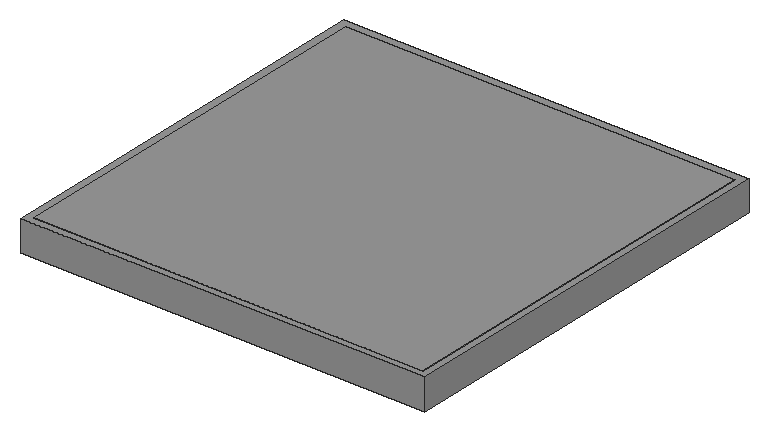
Revit family "ДВО-09 30 Вт Грильято DALI", category Осветительные приборы, Revit 2019 (continued)
Parameters (values of type "ДВО-09-О-30-3К-IP40-Грильято-DALI")
    .0 849.3 833.2 816.8 800.2 783.4 766.4 749.3 732.0 714.6 697.1 679.1 660.9 642.4 623.7 604.6 585.4 566.0 546.5 526.9 507.2 487.3 467.1 446.8 426.5 405.8 385.0 364.5 343.5 322.9 301.9 281.4 260.6 240.4 219.8 200.1 180.2 161.0 141.9 123.4 105.7 88.9 73.1 58.6 45.7 34.3 25.1 18.0 12.9 9.6 7.6 6.6 6.2 6.1 6.2 6.2 6.2 6.2 6.3 6.3 0.0 0.0 0.0 0.0 0.0 0.0 0.0 0.0 0.0 0.0 0.0 0.0 0.0 0.0 0.0 0.0 0.0 0.0 0.0 0.0 0.0 0.0 0.0 0.0 0.0 0.0 0.0 0.0 0.0 0.0 0.0 0.0 0.0 0.0 0.0 0.0 0.0 0.0 0.0 0.0 0.0 0.0 0.0 0.0 0.0 0.0 0.0 0.0 0.0 0.0 0.0 0.0 0.0 0.0 0.0 0.0 0.0 0.0 0.0 0.0 0.0\r\n1213.1 1212.4 1211.4 1209.9 1207.9 1205.4 1202.5 1199.2 1195.4 1191.4 1186.7 1181.5 1176.1 1170.0 1163.6 1156.8 1149.5 1141.8 1133.8 1125.3 1116.3 1106.9 1097.4 1087.3 1076.9 1066.0 1055.1 1043.6 1032.1 1020.1 1007.7 995.1 982.0 968.3 954.5 940.5 926.0 911.6 896.4 881.5 865.6 850.1 833.9 817.7 801.0 784.3 767.3 750.5 733.2 716.1 698.4 680.8 662.5 644.3 625.5 606.7 587.4 568.2 548.4 528.9 509.0 489.1 468.8 448.8 428.2 407.8 387.1 366.6 345.6 325.0 304.0 283.4 262.5 242.3 221.7 201.9 182.0 162.7 143.6 124.9 107.4 90.3 74.6 59.7 46.8 35.2 26.0 18.6 13.5 10.1 7.9 6.9 6.3 6.1 6.2 6.2 6.2 6.2 6.3 6.4 0.0 0.0 0.0 0.0 0.0 0.0 0.0 0.0 0.0 0.0 0.0 0.0 0.0 0.0 0.0 0.0 0.0 0.0 0.0 0.0 0.0 0.0 0.0 0.0 0.0 0.0 0.0 0.0 0.0 0.0 0.0 0.0 0.0 0.0 0.0 0.0 0.0 0.0 0.0 0.0 0.0 0.0 0.0 0.0 0.0 0.0 0.0 0.0 0.0 0.0 0.0 0.0 0.0 0.0 0.0 0.0 0.0 0.0 0.0 0.0 0.0\r\n1213.1 1212.4 1211.2 1209.5 1207.3 1204.6 1201.4 1197.9 1193.9 1189.7 1184.8 1179.6 1173.9 1167.8 1161.1 1154.1 1146.5 1138.6 1130.3 1121.6 1112.5 1102.9 1093.3 1083.0 1072.6 1061.6 1050.5 1038.7 1027.0 1014.6 1002.0 989.0 975.7 961.8 947.9 933.7 919.2 904.6 889.6 874.5 859.0 843.5 827.5 811.2 794.7 777.8 760.8 743.6 726.1 708.5 690.7 672.6 654.3 635.8 617.2 598.2 579.1 559.8 540.3 520.6 500.6 480.7 460.3 440.2 419.4 399.0 378.2 357.6 336.7 316.2 295.3 275.0 254.3 234.4 214.1 194.5 175.0 156.0 137.2 119.1 101.8 85.3 70.0 55.8 43.3 32.6 23.9 17.1 12.4 9.3 7.5 6.7 6.4 6.3 6.4 6.4 6.3 6.4 6.5 6.6 0.0 0.0 0.0 0.0 0.0 0.0 0.0 0.0 0.0 0.0 0.0 0.0 0.0 0.0 0.0 0.0 0.0 0.0 0.0 0.0 0.0 0.0 0.0 0.0 0.0 0.0 0.0 0.0 0.0 0.0 0.0 0.0 0.0 0.0 0.0 0.0 0.0 0.0 0.0 0.0 0.0 0.0 0.0 0.0 0.0 0.0 0.0 0.0 0.0 0.0 0.0 0.0 0.0 0.0 0.0 0.0 0.0 0.0 0.0 0.0 0.0\r\n1213.1 1212.4 1211.0 1209.0 1206.6 1203.8 1200.3 1196.6 1192.3 1187.9 1182.9 1177.6 1171.6 1165.5 1158.5 1151.3 1143.5 1135.3 1126.8 1117.8 1108.6 1098.9 1089.1 1078.7 1068.2 1057.1 1045.8 1033.8 1021.8 1009.1 996.3 982.8 969.3 955.2 941.2 926.8 912.4 897.5 882.7 867.5 852.4 836.8 821.0 804.7 788.4 771.2 754.2 736.6 719.0 700.8 683.0 664.4 646.1 627.2 608.8 589.7 570.8 551.3 532.1 512.2 492.1 472.3 451.8 431.6 410.6 390.1 369.2 348.6 327.7 307.3 286.6 266.5 246.0 226.4 206.4 187.1 167.9 149.3 130.8 113.3 96.2 80.2 65.4 51.9 39.8 29.9 21.7 15.6 11.2 8.5 7.0 6.5 6.4 6.4 6.5 6.6 6.4 6.6 6.7 6.7 0.0 0.0 0.0 0.0 0.0 0.0 0.0 0.0 0.0 0.0 0.0 0.0 0.0 0.0 0.0 0.0 0.0 0.0 0.0 0.0 0.0 0.0 0.0 0.0 0.0 0.0 0.0 0.0 0.0 0.0 0.0 0.0 0.0 0.0 0.0 0.0 0.0 0.0 0.0 0.0 0.0 0.0 0.0 0.0 0.0 0.0 0.0 0.0 0.0 0.0 0.0 0.0 0.0 0.0 0.0 0.0 0.0 0.0 0.0 0.0 0.0\r\n1213.1 1212.5 1211.3 1209.5 1207.5 1205.0 1202.2 1198.8 1194.8 1190.7 1186.0 1181.0 1175.4 1169.1 1162.5 1155.4 1147.9 1140.1 1131.6 1123.0 1114.0 1104.9 1095.6 1085.8 1075.4 1064.4 1053.3 1041.6 1029.7 1017.2 1004.6 991.4 978.3 964.7 951.1 937.4 923.4 908.9 894.5 879.4 864.4 848.5 832.5 815.9 799.4 782.4 765.5 748.1 730.8 713.1 695.7 677.3 659.3 640.5 621.9 602.4 583.3 563.7 544.6 524.8 505.4 485.4 465.4 444.8 424.7 403.8 382.9 362.4 341.4 320.7 299.8 279.3 258.6 238.4 217.9 198.2 178.3 159.2 140.1 121.9 104.0 87.4 71.6 57.5 44.5 33.3 24.2 17.3 12.3 9.1 7.2 6.3 6.1 6.1 6.1 6.2 6.1 6.2 6.3 6.2 0.0 0.0 0.0 0.0 0.0 0.0 0.0 0.0 0.0 0.0 0.0 0.0 0.0 0.0 0.0 0.0 0.0 0.0 0.0 0.0 0.0 0.0 0.0 0.0 0.0 0.0 0.0 0.0 0.0 0.0 0.0 0.0 0.0 0.0 0.0 0.0 0.0 0.0 0.0 0.0 0.0 0.0 0.0 0.0 0.0 0.0 0.0 0.0 0.0 0.0 0.0 0.0 0.0 0.0 0.0 0.0 0.0 0.0 0.0 0.0 0.0\r\n1213.1 1212.5 1211.4 1209.7 1207.7 1205.2 1202.4 1199.0 1195.1 1191.1 1186.4 1181.3 1175.8 1169.6 1163.1 1156.1 1148.7 1141.0 1132.7 1124.2 1115.2 1105.9 1096.5 1086.6 1076.2 1065.2 1054.2 1042.6 1030.9 1018.7 1006.2 993.3 980.2 966.5 952.8 939.0 924.7 910.3 895.5 880.5 865.0 849.3 833.2 816.8 800.2 783.4 766.4 749.3 732.0 714.6 697.1 679.1 660.9 642.4 623.7 604.6 585.4 566.0 546.5 526.9 507.2 487.3 467.1 446.8 426.5 405.8 385.0 364.5 343.5 322.9 301.9 281.4 260.6 240.4 219.8 200.1 180.2 161.0 141.9 123.4 105.7 88.9 73.1 58.6 45.7 34.3 25.1 18.0 12.9 9.6 7.6 6.6 6.2 6.1 6.2 6.2 6.2 6.2 6.3 6.3 0.0 0.0 0.0 0.0 0.0 0.0 0.0 0.0 0.0 0.0 0.0 0.0 0.0 0.0 0.0 0.0 0.0 0.0 0.0 0.0 0.0 0.0 0.0 0.0 0.0 0.0 0.0 0.0 0.0 0.0 0.0 0.0 0.0 0.0 0.0 0.0 0.0 0.0 0.0 0.0 0.0 0.0 0.0 0.0 0.0 0.0 0.0 0.0 0.0 0.0 0.0 0.0 0.0 0.0 0.0 0.0 0.0 0.0 0.0 0.0 0.0\r\n1213.1 1212.4 1211.4 1209.9 1207.9 1205.4 1202.5 1199.2 1195.4 1191.4 1186.7 1181.5 1176.1 1170.0 1163.6 1156.8 1149.5 1141.8 1133.8 1125.3 1116.3 1106.9 1097.4 1087.3 1076.9 1066.0 1055.1 1043.6 1032.1 1020.1 1007.7 995.1 982.0 968.3 954.5 940.5 926.0 911.6 896.4 881.5 865.6 850.1 833.9 817.7 801.0 784.3 767.3 750.5 733.2 716.1 698.4 680.8 662.5 644.3 625.5 606.7 587.4 568.2 548.4 528.9 509.0 489.1 468.8 448.8 428.2 407.8 387.1 366.6 345.6 325.0 304.0 283.4 262.5 242.3 221.7 201.9 182.0 162.7 143.6 124.9 107.4 90.3 74.6 59.7 46.8 35.2 26.0 18.6 13.5 10.1 7.9 6.9 6.3 6.1 6.2 6.2 6.2 6.2 6.3 6.4 0.0 0.0 0.0 0.0 0.0 0.0 0.0 0.0 0.0 0.0 0.0 0.0 0.0 0.0 0.0 0.0 0.0 0.0 0.0 0.0 0.0 0.0 0.0 0.0 0.0 0.0 0.0 0.0 0.0 0.0 0.0 0.0 0.0 0.0 0.0 0.0 0.0 0.0 0.0 0.0 0.0 0.0 0.0 0.0 0.0 0.0 0.0 0.0 0.0 0.0 0.0 0.0 0.0 0.0 0.0 0.0 0.0 0.0 0.0 0.0 0.0\r\n1213.1 1212.4 1211.2 1209.5 1207.3 1204.6 1201.4 1197.9 1193.9 1189.7 1184.8 1179.6 1173.9 1167.8 1161.1 1154.1 1146.5 1138.6 1130.3 1121.6 1112.5 1102.9 1093.3 1083.0 1072.6 1061.6 1050.5 1038.7 1027.0 1014.6 1002.0 989.0 975.7 961.8 947.9 933.7 919.2 904.6 889.6 874.5 859.0 843.5 827.5 811.2 794.7 777.8 760.8 743.6 726.1 708.5 690.7 672.6 654.3 635.8 617.2 598.2 579.1 559.8 540.3 520.6 500.6 480.7 460.3 440.2 419.4 399.0 378.2 357.6 336.7 316.2 295.3 275.0 254.3 234.4 214.1 194.5 175.0 156.0 137.2 119.1 101.8 85.3 70.0 55.8 43.3 32.6 23.9 17.1 12.4 9.3 7.5 6.7 6.4 6.3 6.4 6.4 6.3 6.4 6.5 6.6 0.0 0.0 0.0 0.0 0.0 0.0 0.0 0.0 0.0 0.0 0.0 0.0 0.0 0.0 0.0 0.0 0.0 0.0 0.0 0.0 0.0 0.0 0.0 0.0 0.0 0.0 0.0 0.0 0.0 0.0 0.0 0.0 0.0 0.0 0.0 0.0 0.0 0.0 0.0 0.0 0.0 0.0 0.0 0.0 0.0 0.0 0.0 0.0 0.0 0.0 0.0 0.0 0.0 0.0 0.0 0.0 0.0 0.0 0.0 0.0 0.0\r\n1213.1 1212.4 1211.0 1209.0 1206.6 1203.8 1200.3 1196.6 1192.3 1187.9 1182.9 1177.6 1171.6 1165.5 1158.5 1151.3 1143.5 1135.3 1126.8 1117.8 1108.6 1098.9 1089.1 1078.7 1068.2 1057.1 1045.8 1033.8 1021.8 1009.1 996.3 982.8 969.3 955.2 941.2 926.8 912.4 897.5 882.7 867.5 852.4 836.8 821.0 804.7 788.4 771.2 754.2 736.6 719.0 700.8 683.0 664.4 646.1 627.2 608.8 589.7 570.8 551.3 532.1 512.2 492.1 472.3 451.8 431.6 410.6 390.1 369.2 348.6 327.7 307.3 286.6 266.5 246.0 226.4 206.4 187.1 167.9 149.3 130.8 113.3 96.2 80.2 65.4 51.9 39.8 29.9 21.7 15.6 11.2 8.5 7.0 6.5 6.4 6.4 6.5 6.6 6.4 6.6 6.7 6.7 0.0 0.0 0.0 0.0 0.0 0.0 0.0 0.0 0.0 0.0 0.0 0.0 0.0 0.0 0.0 0.0 0.0 0.0 0.0 0.0 0.0 0.0 0.0 0.0 0.0 0.0 0.0 0.0 0.0 0.0 0.0 0.0 0.0 0.0 0.0 0.0 0.0 0.0 0.0 0.0 0.0 0.0 0.0 0.0 0.0 0.0 0.0 0.0 0.0 0.0 0.0 0.0 0.0 0.0 0.0 0.0 0.0 0.0 0.0 0.0 0.0\r\n1213.1 1212.5 1211.3 1209.5 1207.5 1205.0 1202.2 1198.8 1194.8 1190.7 1186.0 1181.0 1175.4 1169.1 1162.5 1155.4 1147.9 1140.1 1131.6 1123.0 1114.0 1104.9 1095.6 1085.8 1075.4 1064.4 1053.3 1041.6 1029.7 1017.2 1004.6 991.4 978.3 964.7 951.1 937.4 923.4 908.9 894.5 879.4 864.4 848.5 832.5 815.9 799.4 782.4 765.5 748.1 730.8 713.1 695.7 677.3 659.3 640.5 621.9 602.4 583.3 563.7 544.6 524.8 505.4 485.4 465.4 444.8 424.7 403.8 382.9 362.4 341.4 320.7 299.8 279.3 258.6 238.4 217.9 198.2 178.3 159.2 140.1 121.9 104.0 87.4 71.6 57.5 44.5 33.3 24.2 17.3 12.3 9.1 7.2 6.3 6.1 6.1 6.1 6.2 6.1 6.2 6.3 6.2 0.0 0.0 0.0 0.0 0.0 0.0 0.0 0.0 0.0 0.0 0.0 0.0 0.0 0.0 0.0 0.0 0.0 0.0 0.0 0.0 0.0 0.0 0.0 0.0 0.0 0.0 0.0 0.0 0.0 0.0 0.0 0.0 0.0 0.0 0.0 0.0 0.0 0.0 0.0 0.0 0.0 0.0 0.0 0.0 0.0 0.0 0.0 0.0 0.0 0.0 0.0 0.0 0.0 0.0 0.0 0.0 0.0 0.0 0.0 0.0 0.0\r\n1213.1 1212.5 1211.4 1209.7 1207.7 1205.2 1202.4 1199.0 1195.1 1191.1 1186.4 1181.3 1175.8 1169.6 1163.1 1156.1 1148.7 1141.0 1132.7 1124.2 1115.2 1105.9 1096.5 1086.6 1076.2 1065.2 1054.2 1042.6 1030.9 1018.7 1006.2 993.3 980.2 966.5 952.8 939.0 924.7 910.3 895.5 880.5 865.0 849.3 833.2 816.8 800.2 783.4 766.4 749.3 732.0 714.6 697.1 679.1 660.9 642.4 623.7 604.6 585.4 566.0 546.5 526.9 507.2 487.3 467.1 446.8 426.5 405.8 385.0 364.5 343.5 322.9 301.9 281.4 260.6 240.4 219.8 200.1 180.2 161.0 141.9 123.4 105.7 88.9 73.1 58.6 45.7 34.3 25.1 18.0 12.9 9.6 7.6 6.6 6.2 6.1 6.2 6.2 6.2 6.2 6.3 6.3 0.0 0.0 0.0 0.0 0.0 0.0 0.0 0.0 0.0 0.0 0.0 0.0 0.0 0.0 0.0 0.0 0.0 0.0 0.0 0.0 0.0 0.0 0.0 0.0 0.0 0.0 0.0 0.0 0.0 0.0 0.0 0.0 0.0 0.0 0.0 0.0 0.0 0.0 0.0 0.0 0.0 0.0 0.0 0.0 0.0 0.0 0.0 0.0 0.0 0.0 0.0 0.0 0.0 0.0 0.0 0.0 0.0 0.0 0.0 0.0 0.0\r\n1213.1 1212.4 1211.4 1209.9 1207.9 1205.4 1202.5 1199.2 1195.4 1191.4 1186.7 1181.5 1176.1 1170.0 1163.6 1156.8 1149.5 1141.8 1133.8 1125.3 1116.3 1106.9 1097.4 1087.3 1076.9 1066.0 1055.1 1043.6 1032.1 1020.1 1007.7 995.1 982.0 968.3 954.5 940.5 926.0 911.6 896.4 881.5 865.6 850.1 833.9 817.7 801.0 784.3 767.3 750.5 733.2 716.1 698.4 680.8 662.5 644.3 625.5 606.7 587.4 568.2 548.4 528.9 509.0 489.1 468.8 448.8 428.2 407.8 387.1 366.6 345.6 325.0 304.0 283.4 262.5 242.3 221.7 201.9 182.0 162.7 143.6 124.9 107.4 90.3 74.6 59.7 46.8 35.2 26.0 18.6 13.5 10.1 7.9 6.9 6.3 6.1 6.2 6.2 6.2 6.2 6.3 6.4 0.0 0.0 0.0 0.0 0.0 0.0 0.0 0.0 0.0 0.0 0.0 0.0 0.0 0.0 0.0 0.0 0.0 0.0 0.0 0.0 0.0 0.0 0.0 0.0 0.0 0.0 0.0 0.0 0.0 0.0 0.0 0.0 0.0 0.0 0.0 0.0 0.0 0.0 0.0 0.0 0.0 0.0 0.0 0.0 0.0 0.0 0.0 0.0 0.0 0.0 0.0 0.0 0.0 0.0 0.0 0.0 0.0 0.0 0.0 0.0 0.0\r\n1213.1 1212.4 1211.2 1209.5 1207.3 1204.6 1201.4 1197.9 1193.9 1189.7 1184.8 1179.6 1173.9 1167.8 1161.1 1154.1 1146.5 1138.6 1130.3 1121.6 1112.5 1102.9 1093.3 1083.0 1072.6 1061.6 1050.5 1038.7 1027.0 1014.6 1002.0 989.0 975.7 961.8 947.9 933.7 919.2 904.6 889.6 874.5 859.0 843.5 827.5 811.2 794.7 777.8 760.8 743.6 726.1 708.5 690.7 672.6 654.3 635.8 617.2 598.2 579.1 559.8 540.3 520.6 500.6 480.7 460.3 440.2 419.4 399.0 378.2 357.6 336.7 316.2 295.3 275.0 254.3 234.4 214.1 194.5 175.0 156.0 137.2 119.1 101.8 85.3 70.0 55.8 43.3 32.6 23.9 17.1 12.4 9.3 7.5 6.7 6.4 6.3 6.4 6.4 6.3 6.4 6.5 6.6 0.0 0.0 0.0 0.0 0.0 0.0 0.0 0.0 0.0 0.0 0.0 0.0 0.0 0.0 0.0 0.0 0.0 0.0 0.0 0.0 0.0 0.0 0.0 0.0 0.0 0.0 0.0 0.0 0.0 0.0 0.0 0.0 0.0 0.0 0.0 0.0 0.0 0.0 0.0 0.0 0.0 0.0 0.0 0.0 0.0 0.0 0.0 0.0 0.0 0.0 0.0 0.0 0.0 0.0 0.0 0.0 0.0 0.0 0.0 0.0 0.0\r\n1213.1 1212.4 1211.0 1209.0 1206.6 1203.8 1200.3 1196.6 1192.3 1187.9 1182.9 1177.6 1171.6 1165.5 1158.5 1151.3 1143.5 1135.3 1126.8 1117.8 1108.6 1098.9 1089.1 1078.7 1068.2 1057.1 1045.8 1033.8 1021.8 1009.1 996.3 982.8 969.3 955.2 941.2 926.8 912.4 897.5 882.7 867.5 852.4 836.8 821.0 804.7 788.4 771.2 754.2 736.6 719.0 700.8 683.0 664.4 646.1 627.2 608.8 589.7 570.8 551.3 532.1 512.2 492.1 472.3 451.8 431.6 410.6 390.1 369.2 348.6 327.7 307.3 286.6 266.5 246.0 226.4 206.4 187.1 167.9 149.3 130.8 113.3 96.2 80.2 65.4 51.9 39.8 29.9 21.7 15.6 11.2 8.5 7.0 6.5 6.4 6.4 6.5 6.6 6.4 6.6 6.7 6.7 0.0 0.0 0.0 0.0 0.0 0.0 0.0 0.0 0.0 0.0 0.0 0.0 0.0 0.0 0.0 0.0 0.0 0.0 0.0 0.0 0.0 0.0 0.0 0.0 0.0 0.0 0.0 0.0 0.0 0.0 0.0 0.0 0.0 0.0 0.0 0.0 0.0 0.0 0.0 0.0 0.0 0.0 0.0 0.0 0.0 0.0 0.0 0.0 0.0 0.0 0.0 0.0 0.0 0.0 0.0 0.0 0.0 0.0 0.0 0.0 0.0\r\n1213.1 1212.5 1211.3 1209.5 1207.5 1205.0 1202.2 1198.8 1194.8 1190.7 1186.0 1181.0 1175.4 1169.1 1162.5 1155.4 1147.9 1140.1 1131.6 1123.0 1114.0 1104.9 1095.6 1085.8 1075.4 1064.4 1053.3 1041.6 1029.7 1017.2 1004.6 991.4 978.3 964.7 951.1 937.4 923.4 908.9 894.5 879.4 864.4 848.5 832.5 815.9 799.4 782.4 765.5 748.1 730.8 713.1 695.7 677.3 659.3 640.5 621.9 602.4 583.3 563.7 544.6 524.8 505.4 485.4 465.4 444.8 424.7 403.8 382.9 362.4 341.4 320.7 299.8 279.3 258.6 238.4 217.9 198.2 178.3 159.2 140.1 121.9 104.0 87.4 71.6 57.5 44.5 33.3 24.2 17.3 12.3 9.1 7.2 6.3 6.1 6.1 6.1 6.2 6.1 6.2 6.3 6.2 0.0 0.0 0.0 0.0 0.0 0.0 0.0 0.0 0.0 0.0 0.0 0.0 0.0 0.0 0.0 0.0 0.0 0.0 0.0 0.0 0.0 0.0 0.0 0.0 0.0 0.0 0.0 0.0 0.0 0.0 0.0 0.0 0.0 0.0 0.0 0.0 0.0 0.0 0.0 0.0 0.0 0.0 0.0 0.0 0.0 0.0 0.0 0.0 0.0 0.0 0.0 0.0 0.0 0.0 0.0 0.0 0.0 0.0 0.0 0.0 0.0\r\n1213.1 1212.5 1211.4 1209.7 1207.7 1205.2 1202.4 1199.0 1195.1 1191.1 1186.4 1181.3 1175.8 1169.6 1163.1 1156.1 1148.7 1141.0 1132.7 1124.2 1115.2 1105.9 1096.5 1086.6 1076.2 1065.2 1054.2 1042.6 1030.9 1018.7 1006.2 993.3 980.2 966.5 952.8 939.0 924.7 910.3 895.5 880.5 865.0 849.3 833.2 816.8 800.2 783.4 766.4 749.3 732.0 714.6 697.1 679.1 660.9 642.4 623.7 604.6 585.4 566.0 546.5 526.9 507.2 487.3 467.1 446.8 426.5 405.8 385.0 364.5 343.5 322.9 301.9 281.4 260.6 240.4 219.8 200.1 180.2 161.0 141.9 123.4 105.7 88.9 73.1 58.6 45.7 34.3 25.1 18.0 12.9 9.6 7.6 6.6 6.2 6.1 6.2 6.2 6.2 6.2 6.3 6.3 0.0 0.0 0.0 0.0 0.0 0.0 0.0 0.0 0.0 0.0 0.0 0.0 0.0 0.0 0.0 0.0 0.0 0.0 0.0 0.0 0.0 0.0 0.0 0.0 0.0 0.0 0.0 0.0 0.0 0.0 0.0 0.0 0.0 0.0 0.0 0.0 0.0 0.0 0.0 0.0 0.0 0.0 0.0 0.0 0.0 0.0 0.0 0.0 0.0 0.0 0.0 0.0 0.0 0.0 0.0 0.0 0.0 0.0 0.0 0.0 0.0\r\n1213.1 1212.4 1211.4 1209.9 1207.9 1205.4 1202.5 1199.2 1195.4 1191.4 1186.7 1181.5 1176.1 1170.0 1163.6 1156.8 1149.5 1141.8 1133.8 1125.3 1116.3 1106.9 1097.4 1087.3 1076.9 1066.0 1055.1 1043.6 1032.1 1020.1 1007.7 995.1 982.0 968.3 954.5 940.5 926.0 911.6 896.4 881.5 865.6 850.1 833.9 817.7 801.0 784.3 767.3 750.5 733.2 716.1 698.4 680.8 662.5 644.3 625.5 606.7 587.4 568.2 548.4 528.9 509.0 489.1 468.8 448.8 428.2 407.8 387.1 366.6 345.6 325.0 304.0 283.4 262.5 242.3 221.7 201.9 182.0 162.7 143.6 124.9 107.4 90.3 74.6 59.7 46.8 35.2 26.0 18.6 13.5 10.1 7.9 6.9 6.3 6.1 6.2 6.2 6.2 6.2 6.3 6.4 0.0 0.0 0.0 0.0 0.0 0.0 0.0 0.0 0.0 0.0 0.0 0.0 0.0 0.0 0.0 0.0 0.0 0.0 0.0 0.0 0.0 0.0 0.0 0.0 0.0 0.0 0.0 0.0 0.0 0.0 0.0 0.0 0.0 0.0 0.0 0.0 0.0 0.0 0.0 0.0 0.0 0.0 0.0 0.0 0.0 0.0 0.0 0.0 0.0 0.0 0.0 0.0 0.0 0.0 0.0 0.0 0.0 0.0 0.0 0.0 0.0\r\n1213.1 1212.4 1211.2 1209.5 1207.3 1204.6 1201.4 1197.9 1193.9 1189.7 1184.8 1179.6 1173.9 1167.8 1161.1 1154.1 1146.5 1138.6 1130.3 1121.6 1112.5 1102.9 1093.3 1083.0 1072.6 1061.6 1050.5 1038.7 1027.0 1014.6 1002.0 989.0 975.7 961.8 947.9 933.7 919.2 904.6 889.6 874.5 859.0 843.5 827.5 811.2 794.7 777.8 760.8 743.6 726.1 708.5 690.7 672.6 654.3 635.8 617.2 598.2 579.1 559.8 540.3 520.6 500.6 480.7 460.3 440.2 419.4 399.0 378.2 357.6 336.7 316.2 295.3 275.0 254.3 234.4 214.1 194.5 175.0 156.0 137.2 119.1 101.8 85.3 70.0 55.8 43.3 32.6 23.9 17.1 12.4 9.3 7.5 6.7 6.4 6.3 6.4 6.4 6.3 6.4 6.5 6.6 0.0 0.0 0.0 0.0 0.0 0.0 0.0 0.0 0.0 0.0 0.0 0.0 0.0 0.0 0.0 0.0 0.0 0.0 0.0 0.0 0.0 0.0 0.0 0.0 0.0 0.0 0.0 0.0 0.0 0.0 0.0 0.0 0.0 0.0 0.0 0.0 0.0 0.0 0.0 0.0 0.0 0.0 0.0 0.0 0.0 0.0 0.0 0.0 0.0 0.0 0.0 0.0 0.0 0.0 0.0 0.0 0.0 0.0 0.0 0.0 0.0\r\n1213.1 1212.4 1211.0 1209.0 1206.6 1203.8 1200.3 1196.6 1192.3 1187.9 1182.9 1177.6 1171.6 1165.5 1158.5 1151.3 1143.5 1135.3 1126.8 1117.8 1108.6 1098.9 1089.1 1078.7 1068.2 1057.1 1045.8 1033.8 1021.8 1009.1 996.3 982.8 969.3 955.2 941.2 926.8 912.4 897.5 882.7 867.5 852.4 836.8 821.0 804.7 788.4 771.2 754.2 736.6 719.0 700.8 683.0 664.4 646.1 627.2 608.8 589.7 570.8 551.3 532.1 512.2 492.1 472.3 451.8 431.6 410.6 390.1 369.2 348.6 327.7 307.3 286.6 266.5 246.0 226.4 206.4 187.1 167.9 149.3 130.8 113.3 96.2 80.2 65.4 51.9 39.8 29.9 21.7 15.6 11.2 8.5 7.0 6.5 6.4 6.4 6.5 6.6 6.4 6.6 6.7 6.7 0.0 0.0 0.0 0.0 0.0 0.0 0.0 0.0 0.0 0.0 0.0 0.0 0.0 0.0 0.0 0.0 0.0 0.0 0.0 0.0 0.0 0.0 0.0 0.0 0.0 0.0 0.0 0.0 0.0 0.0 0.0 0.0 0.0 0.0 0.0 0.0 0.0 0.0 0.0 0.0 0.0 0.0 0.0 0.0 0.0 0.0 0.0 0.0 0.0 0.0 0.0 0.0 0.0 0.0 0.0 0.0 0.0 0.0 0.0 0.0 0.0\r\n1213.1 1212.5 1211.3 1209.5 1207.5 1205.0 1202.2 1198.8 1194.8 1190.7 1186.0 1181.0 1175.4 1169.1 1162.5 1155.4 1147.9 1140.1 1131.6 1123.0 1114.0 1104.9 1095.6 1085.8 1075.4 1064.4 1053.3 1041.6 1029.7 1
